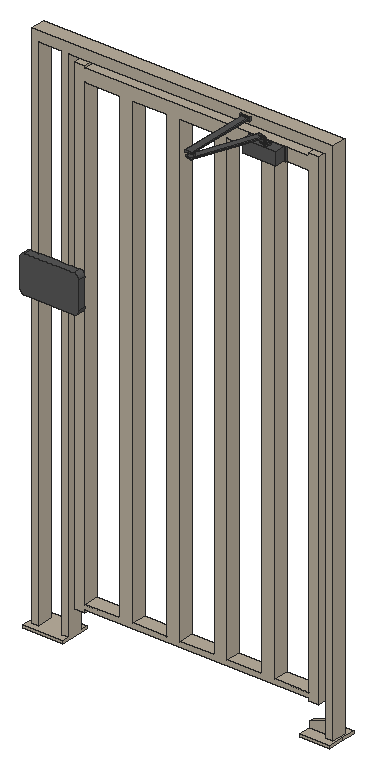
Revit family "Калитка WHD-15", category Generic Models, Revit 2019
Family settings
  Can host rebar = No
  Round Connector Dimension = Use Diameter
  Part Type = Normal
  Work Plane-Based = No
  Always vertical = Yes
  Cut with Voids When Loaded = No
  Shared = No
  Room Calculation Point = No
Parameters
  Guardrail bottom right [instance] = no
  Bottom left railing [instance] = no
  Top right railing [instance] = no
  Top left railing [instance] = no
  Weight = "35 kg"
  Voltage = 14 V
  Unit of measurement = "pcs"
  URL = "https://www.perco.com/products/whd-15-full-height-gate.php"
  Throughput rate = "12 persons/min"
  Rated power = 36 W
  Passageway width = ""
  Operating temperature = "from -30°C to +50°C"
  Number = 1
  Manufacturer = "PERCo"
  IP Code = "IP54"
  Full name [instance] = if(or(Top left railing, Top right railing, Bottom left railing, Guardrail bottom right), "Full-height gate WHD-15 with corner bracket", "Full-height gate WHD-15")  # "Full-height gate WHD-15"
  Electrical connection = "220 V"
  Dimensions = "2150х1232х378,5 mm"
  Current = 3 A
  Material = Steel painted RAL 1019
Reference planes
  plane 1 "По центру (Вперед/Назад)": y = 0
  plane 2: z = 0
  plane 3 "По центру (Влево/Вправо)": x = 0
  plane 4: through (340, -75, 3000) normal (0.9397, -0.342, 0)
  plane 5: y = 60
  plane 6: y = -60
  plane 7: x = -621
  plane 8: x = 611
Forms (mm)
  Extrusion 1, solid, material "Steel painted RAL 1019" <- "Material"
    sketch origin (0, 0, 0) x (1, 0, 0) y (0, 1, 0)
      loop
        line (-610, 30) -> (-610, -30) -> (600, -30) -> (600, 30) -> (-610, 30)
    from 2110 to 2150
  Extrusion 2, solid, material "Steel painted RAL 1019" <- "Material"
    sketch origin (0, 0, 0) x (1, 0, 0) y (0, 1, 0)
      loop
        line (-610, 30) -> (-610, -30) -> (-580, -30) -> (-580, 30) -> (-610, 30)
      loop
        line (-460, -30) -> (-460, 30) -> (-490, 30) -> (-490, -30) -> (-460, -30)
    from 10 to 2110
  Extrusion 3, solid, material "Steel painted RAL 1019" <- "Material"
    sketch origin (0, 0, 0) x (1, 0, 0) y (0, 1, 0)
      loop
        line (-621, 0) -> (-621, -60) -> (-460, -60) -> (-460, 60) -> (-621, 60) -> (-621, 0)
    from 0 to 10
  Extrusion 4, solid, material "Steel painted RAL 1019" <- "Material"
    sketch origin (0, 0, 0) x (-1, 0, 0) y (0, -1, 0)
      loop
        line (-611, 0) -> (-611, -60) -> (-490, -60) -> (-490, 60) -> (-611, 60) -> (-611, 0)
    from 0 to 10
  Extrusion 5, solid, material "Steel painted RAL 1019" <- "Material"
    sketch origin (0, 0, 0) x (1, 0, 0) y (0, 1, 0)
      loop
        line (600, 30) -> (570, 30) -> (570, -30) -> (600, -30) -> (600, 30)
    from 10 to 2110
  Extrusion 6, solid, material "Steel painted RAL 1019" <- "Material"
    sketch origin (0, 0, 0) x (1, 0, 0) y (0, 0, 1)
      loop
        line (490, 10) -> (570, 10) -> (570, 63.676) -> (490, 34.559) -> (490, 10)
    from -10 to 10
  Extrusion 7, solid, material "Steel painted RAL 1019" <- "Material"
    sketch origin (0, 0, 0) x (1, 0, 0) y (0, 0, 1)
      loop
        line (-435, 2090) -> (-435, 121) -> (-395, 121) -> (-395, 2090) -> (-435, 2090)
      loop
        line (545, 2090) -> (505, 2090) -> (505, 121) -> (545, 121) -> (545, 2090)
    from -30 to 30
  Extrusion 8, solid, material "Steel painted RAL 1019" <- "Material"
    sketch origin (0, 0, 0) x (1, 0, 0) y (0, 1, 0)
      loop
        line (-435, 30) -> (-435, -30) -> (545, -30) -> (545, 30) -> (-435, 30)
    from 131 to 151
  Extrusion 9, solid, material "Steel painted RAL 1019" <- "Material"
    sketch origin (0, 0, 0) x (1, 0, 0) y (0, 1, 0)
      loop
        line (-435, 30) -> (-435, -30) -> (545, -30) -> (545, 30) -> (-435, 30)
    from 2030 to 2080
  Extrusion 10, solid, material "Steel painted RAL 1019" <- "Material"
    sketch origin (0, 0, 0) x (1, 0, 0) y (0, 1, 0)
      loop
        line (-255, -30) -> (-205, -30) -> (-205, 30) -> (-255, 30) -> (-255, -30)
      loop
        line (-65, -30) -> (-15, -30) -> (-15, 30) -> (-65, 30) -> (-65, -30)
      loop
        line (125, -30) -> (175, -30) -> (175, 30) -> (125, 30) -> (125, -30)
      loop
        line (315, -30) -> (365, -30) -> (365, 30) -> (315, 30) -> (315, -30)
    from 151 to 2060
  Extrusion 11, solid, material "Laminate - black"
    sketch origin (0, 0, 0) x (1, 0, 0) y (0, 0, 1)
      loop
        arc (-415, 1200) -> (-400.858, 1205.858) -> (-395, 1220) r 20
        line (-395, 1220) -> (-395, 1330)
        arc (-395, 1330) -> (-400.858, 1344.142) -> (-415, 1350) r 20
        line (-415, 1350) -> (-612, 1350)
        arc (-612, 1350) -> (-626.142, 1344.142) -> (-632, 1330) r 20
        line (-632, 1330) -> (-632, 1220)
        arc (-632, 1220) -> (-626.142, 1205.858) -> (-612, 1200) r 20
        line (-612, 1200) -> (-415, 1200)
    from 30 to 60
  Extrusion 12, solid, material "Laminate - black"
    sketch origin (0, 0, 0) x (1, 0, 0) y (0, 0, 1)
      loop
        line (315, 2030) -> (365, 2030) -> (415, 2030) -> (415, 2080) -> (265, 2080) -> (265, 2030) -> (315, 2030)
    from 35 to 30
  Extrusion 13, solid, material "Laminate - black"
    sketch origin (0, 0, 0) x (1, 0, 0) y (0, 0, 1)
      loop
        line (275, 2080) -> (275, 2030) -> (405, 2030) -> (405, 2080) -> (275, 2080)
    from 35 to 75
  Sweep 14, solid, material "Laminate - black"
    path origin (340, -75, 3000) x (0.34202, 0.939693, 0) y (0, 0, 1)
      loop
        line (32.996, -917) -> (17.996, -917)
        arc (17.996, -917) -> (14.46, -915.536) -> (12.996, -912) r 5
        line (12.996, -912) -> (12.996, -897)
        arc (12.996, -897) -> (10.067, -889.929) -> (2.996, -887) r 10
        line (2.996, -887) -> (-259.127, -887)
    profile origin (296.199, -195.343, 2113) x (0, 0, -1) y (0.939693, -0.34202, 0)
      loop
        arc (-3, -13) -> (-2.414, -14.414) -> (-1, -15) r 2
        line (-1, -15) -> (1, -15)
        arc (1, -15) -> (2.414, -14.414) -> (3, -13) r 2
        line (3, -13) -> (3, 13)
        arc (3, 13) -> (2.414, 14.414) -> (1, 15) r 2
        line (1, 15) -> (-1, 15)
        arc (-1, 15) -> (-2.414, 14.414) -> (-3, 13) r 2
        line (-3, 13) -> (-3, -13)
  Extrusion 15, solid, material "Laminate - black"
    sketch origin (-7.9, 0, 0) x (1, 0, 0) y (0, 0, 1)
      loop
        line (239.274, 2131) -> (239.274, 2123.5) -> (279.274, 2123.5) -> (279.274, 2138.5) -> (239.274, 2138.5) -> (239.274, 2131)
    from 30 to 35
  Extrusion 16, solid, material "Laminate - black"
    sketch origin (-7.9, 0, 0) x (1, 0, 0) y (0, 0, 1)
      loop
        spline (245.178, 2130) -> (245.194, 2129.739) -> (245.242, 2129.482) -> (245.321, 2129.235) -> (245.43, 2129) -> (245.567, 2128.782) -> (245.729, 2128.586) -> (245.914, 2128.413) -> (246.118, 2128.268) -> (246.339, 2128.152) -> (246.571, 2128.068) -> (246.812, 2128.017) -> (247.058, 2128)
        line (247.058, 2128) -> (271.49, 2128)
        spline (271.49, 2128) -> (271.735, 2128.017) -> (271.976, 2128.068) -> (272.209, 2128.152) -> (272.429, 2128.268) -> (272.634, 2128.413) -> (272.819, 2128.586) -> (272.981, 2128.782) -> (273.117, 2129) -> (273.226, 2129.235) -> (273.305, 2129.482) -> (273.353, 2129.739) -> (273.369, 2130)
        line (273.369, 2130) -> (273.369, 2132)
        spline (273.369, 2132) -> (273.353, 2132.261) -> (273.305, 2132.518) -> (273.226, 2132.765) -> (273.117, 2133) -> (272.981, 2133.218) -> (272.819, 2133.414) -> (272.634, 2133.587) -> (272.429, 2133.732) -> (272.209, 2133.848) -> (271.976, 2133.932) -> (271.735, 2133.983) -> (271.49, 2134)
        line (271.49, 2134) -> (247.058, 2134)
        spline (247.058, 2134) -> (246.812, 2133.983) -> (246.571, 2133.932) -> (246.339, 2133.848) -> (246.118, 2133.732) -> (245.914, 2133.587) -> (245.729, 2133.414) -> (245.567, 2133.218) -> (245.43, 2133) -> (245.321, 2132.765) -> (245.242, 2132.518) -> (245.194, 2132.261) -> (245.178, 2132)
        line (245.178, 2132) -> (245.178, 2130)
    from 30 to 318.5
  Extrusion 17, solid, material "Laminate - black"
    sketch origin (0, 9.87, 0) x (1, 0, 0) y (0, 1, 0)
      loop
        circle (254.793, -318.973) r 10
    from 2116 to 2128
Cuts and joins
  joined: Extrusion 12, Extrusion 13, Sweep 14, Extrusion 15, Extrusion 16, Extrusion 17
  joined: Extrusion 1, Extrusion 2, Extrusion 3, Extrusion 4, Extrusion 5, Extrusion 6, Extrusion 7, Extrusion 8, Extrusion 9, Extrusion 10
Dimensions and locks
  Extrusion 3 to Extrusion 4 = 1232 mm
  Extrusion 1 to level = 2150 mm
  Extrusion 3 to Extrusion 11 = 120 mm
  Extrusion 3 to cut or joined group of Extrusion 12, Extrusion 13, Sweep 14, Extrusion 15, Extrusion 16, Extrusion 17 = 378.5 mm
  aligned and locked: level to plane 2
Nested families
  nested 1: "MB-15 Fencing" at (671, 470, 0) x (0, 1, 0) z (0, 0, 1), visible <- "Top right railing", type "MB-15 Fencing"
  nested 2: "MB-15 Fencing" at (671, -470, 0) x (0, 1, 0) z (0, 0, 1), visible <- "Guardrail bottom right", type "MB-15 Fencing"
  nested 3: "MB-15 Fencing" at (-681, 470, 0) x (0, 1, 0) z (0, 0, 1), visible <- "Top left railing", type "MB-15 Fencing"
  nested 4: "MB-15 Fencing" at (-681, -470, 0) x (0, 1, 0) z (0, 0, 1), visible <- "Bottom left railing", type "MB-15 Fencing"
Definition of nested family "MB-15 Fencing"
  Parameters (values of type "MB-15 Fencing")
    Weight = "21.5 kg"
    Unit of measurement = "pcs"
    URL = "https://www.perco.com/products/mb-15-full-height-railings.php"
    Operating temperature = "от -40°C до +55°C"
    Number = 1
    Name = "MB-15 Fencing"
    Manufacturer = "PERCo"
    Full name = "MB-15 Full height fence"
    Dimensions = "820х120x2150 mm"
    Material = none
  Reference planes
    plane 1 "По центру (Вперед/Назад)": y = 0
    plane 2: z = 0
    plane 3 "По центру (Влево/Вправо)": x = 0
    plane 4: x = -410
    plane 5: x = 410
    plane 6: y = 60
    plane 7: y = -60
  Forms (mm)
    Extrusion 1, solid, material <- "Material"
      sketch origin (0, 0, 0) x (1, 0, 0) y (0, 1, 0)
        loop
          line (-410, 30) -> (-410, -30) -> (410, -30) -> (410, 30) -> (-410, 30)
      from 2120 to 2150
    Extrusion 2, solid, material <- "Material"
      sketch origin (0, 0, 0) x (1, 0, 0) y (0, 1, 0)
        loop
          line (-410, 30) -> (-410, -30) -> (410, -30) -> (410, 30) -> (-410, 30)
      from 135 to 155
    Extrusion 3, solid, material <- "Material"
      sketch origin (0, 0, 0) x (1, 0, 0) y (0, 1, 0)
        loop
          line (-410, 30) -> (-410, -30) -> (-380, -30) -> (-380, 30) -> (-410, 30)
        loop
          line (410, 30) -> (380, 30) -> (380, -30) -> (410, -30) -> (410, 30)
      from 10 to 2120
    Extrusion 4, solid, material <- "Material"
      sketch origin (0, 0, 0) x (1, 0, 0) y (0, 1, 0)
        loop
          line (-410, 0) -> (-410, -60) -> (-311.006, -60) -> (-290, -30) -> (-290, 30) -> (-311.006, 60) -> (-410, 60) -> (-410, 0)
        loop
          line (410, 0) -> (410, 60) -> (311.006, 60) -> (290, 30) -> (290, -30) -> (311.006, -60) -> (410, -60) -> (410, 0)
      from 0 to 10
    Extrusion 5, solid, material <- "Material"
      sketch origin (0, 0, 0) x (1, 0, 0) y (0, 0, 1)
        loop
          line (-290, 10) -> (-290, 20) -> (-380, 71.962) -> (-380, 10) -> (-290, 10)
      from -30 to -20
    Extrusion 6, solid, material <- "Material"
      sketch origin (0, 0, 0) x (1, 0, 0) y (0, 0, 1)
        loop
          line (-290, 10) -> (-290, 20) -> (-380, 71.962) -> (-380, 10) -> (-290, 10)
      from 30 to 20
    Extrusion 7, solid, material <- "Material"
      sketch origin (0, 0, 0) x (-1, 0, 0) y (0, 0, -1)
        loop
          line (-290, -10) -> (-380, -10) -> (-380, -71.962) -> (-290, -20) -> (-290, -10)
      from -30 to -20
    Extrusion 8, solid, material <- "Material"
      sketch origin (0, 0, 0) x (-1, 0, 0) y (0, 0, -1)
        loop
          line (-290, -10) -> (-380, -10) -> (-380, -71.962) -> (-290, -20) -> (-290, -10)
      from 30 to 20
    Extrusion 9, solid, material <- "Material"
      sketch origin (0, 0, 0) x (1, 0, 0) y (0, 0, 1)
        loop
          line (-240, 155) -> (-173, 155) -> (-173, 2120) -> (-240, 2120) -> (-240, 155)
        loop
          line (240, 155) -> (240, 2120) -> (173, 2120) -> (173, 155) -> (240, 155)
        loop
          line (33.5, 155) -> (33.5, 2120) -> (-33.5, 2120) -> (-33.5, 155) -> (33.5, 155)
      from -30 to 30
  Cuts and joins
    joined: Extrusion 1, Extrusion 2, Extrusion 3, Extrusion 4, Extrusion 5, Extrusion 6, Extrusion 7, Extrusion 8, Extrusion 9
  Dimensions and locks
    cut or joined group 1 (Extrusion 1, Extrusion 2, Extrusion 3, Extrusion 4, Extrusion 5, Extrusion 6, Extrusion 7, Extrusion 8, Extrusion 9) to cut or joined group 1 = 820 mm
    cut or joined group 1 to cut or joined group 1 = 120 mm
    cut or joined group 1 to level = 2150 mm
    aligned and locked: level to plane 2
